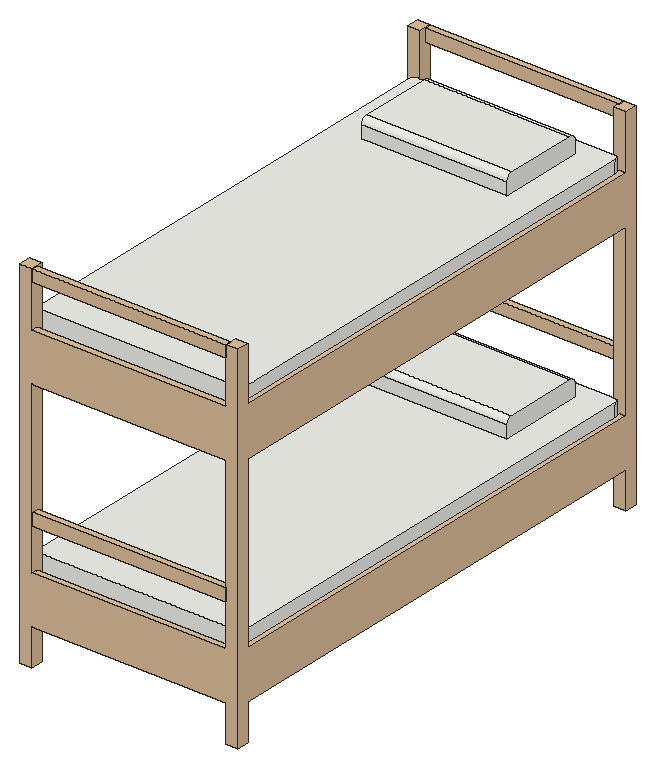
Revit family "Bed-Bunk", category Furniture, Revit 2018
Family settings
  OmniClass Number = 23.40.20.17.14.11
  OmniClass Title = Beds
  Work Plane-Based = No
  Always vertical = Yes
  Cut with Voids When Loaded = No
  Shared = No
  Room Calculation Point = No
Parameters (values of type "82" x 36"")
  Assembly Code = "E2020200"
  Frame Material = Birch
  Height = 4' - 11"
  Length = 6' - 10"
  Mattress Material = Linen, White
  Width = 3' - 0"
Reference planes (in)
  plane 1 "Center (Front/Back)": y = -15.39344
  plane 2: z = 0
  plane 3 "Center (Left/Right)": x = 16.08197
  plane 4: y = 25.60656
  plane 5: y = -56.39344
  plane 6: x = 34.08197
  plane 7: x = -1.91803
  plane 8: z = 14
  plane 9: z = 59
  plane 10: y = 20.60656
  plane 11: y = 6.60656
Forms (in)
  Extrusion 1, solid, material "Birch"
    sketch origin (0, 0, 0) x (1, 0, 0) y (0, 1, 0)
      loop
        line (-1.91803, 25.60656) -> (-1.91803, 23.60656) -> (0.08197, 23.60656) -> (0.08197, 25.60656) -> (-1.91803, 25.60656)
      loop
        line (34.08197, 25.60656) -> (32.08197, 25.60656) -> (32.08197, 23.60656) -> (34.08197, 23.60656) -> (34.08197, 25.60656)
      loop
        line (-1.91803, -56.39344) -> (0.08197, -56.39344) -> (0.08197, -54.39344) -> (-1.91803, -54.39344) -> (-1.91803, -56.39344)
      loop
        line (34.08197, -56.39344) -> (34.08197, -54.39344) -> (32.08197, -54.39344) -> (32.08197, -56.39344) -> (34.08197, -56.39344)
    from 0 to 59
  Extrusion 2, solid, material "Birch"
    sketch origin (0, 0, 0) x (1, 0, 0) y (0, 1, 0)
      loop
        line (-1.91803, 25.60656) -> (-1.91803, -56.39344) -> (34.08197, -56.39344) -> (34.08197, 25.60656) -> (-1.91803, 25.60656)
      loop
        line (-0.91803, 24.60656) -> (-0.91803, -55.39344) -> (33.08197, -55.39344) -> (33.08197, 24.60656) -> (-0.91803, 24.60656)
    from 6 to 14
  Extrusion 3, solid, material "Birch"
    sketch origin (0, 0, 0) x (1, 0, 0) y (0, 1, 0)
      loop
        line (-1.91803, 25.60656) -> (-1.91803, -56.39344) -> (34.08197, -56.39344) -> (34.08197, 25.60656) -> (-1.91803, 25.60656)
      loop
        line (-0.91803, -55.39344) -> (33.08197, -55.39344) -> (33.08197, 24.60656) -> (-0.91803, 24.60656) -> (-0.91803, -55.39344)
    from 42 to 50
  Extrusion 4, solid, material "Linen, White" <- "Mattress Material"
    sketch origin (0, 0, 0) x (1, 0, 0) y (0, 1, 0)
      loop
        arc (0.08197, 23.60656) -> (-0.62514, 23.31366) -> (-0.91803, 22.60656) r 1
        line (-0.91803, 22.60656) -> (-0.91803, -53.39344)
        arc (-0.91803, -53.39344) -> (-0.62514, -54.10055) -> (0.08197, -54.39344) r 1
        line (0.08197, -54.39344) -> (32.08197, -54.39344)
        arc (32.08197, -54.39344) -> (32.78907, -54.10055) -> (33.08197, -53.39344) r 1
        line (33.08197, -53.39344) -> (33.08197, 22.60656)
        arc (33.08197, 22.60656) -> (32.78907, 23.31366) -> (32.08197, 23.60656) r 1
        line (32.08197, 23.60656) -> (0.08197, 23.60656)
    from 8 to 16
  Extrusion 5, solid, material "Linen, White" <- "Mattress Material"
    sketch origin (0, 0, 50) x (1, 0, 0) y (0, 1, 0)
      loop
        arc (0.08197, 23.60656) -> (-0.62514, 23.31366) -> (-0.91803, 22.60656) r 1
        line (-0.91803, 22.60656) -> (-0.91803, -53.39344)
        arc (-0.91803, -53.39344) -> (-0.62514, -54.10055) -> (0.08197, -54.39344) r 1
        line (0.08197, -54.39344) -> (32.08197, -54.39344)
        arc (32.08197, -54.39344) -> (32.78907, -54.10055) -> (33.08197, -53.39344) r 1
        line (33.08197, -53.39344) -> (33.08197, 22.60656)
        arc (33.08197, 22.60656) -> (32.78907, 23.31366) -> (32.08197, 23.60656) r 1
        line (32.08197, 23.60656) -> (0.08197, 23.60656)
    from -6 to 2
  Extrusion 6, solid, material "Birch"
    sketch origin (0, 0, 59) x (1, 0, 0) y (0, 1, 0)
      loop
        line (0.08197, 25.60656) -> (0.08197, 24.60656) -> (32.08197, 24.60656) -> (32.08197, 25.60656) -> (0.08197, 25.60656)
      loop
        line (0.08197, -56.39344) -> (32.08197, -56.39344) -> (32.08197, -55.39344) -> (0.08197, -55.39344) -> (0.08197, -56.39344)
    from -2 to 0
  Extrusion 7, solid, material "Birch"
    sketch origin (0, 0, 14) x (0, -1, 0) y (1, 0, 0)
      loop
        line (56.39344, 0.08197) -> (56.39344, 32.08197) -> (55.39344, 32.08197) -> (55.39344, 0.08197) -> (56.39344, 0.08197)
      loop
        line (-25.60656, 0.08197) -> (-24.60656, 0.08197) -> (-24.60656, 32.08197) -> (-25.60656, 32.08197) -> (-25.60656, 0.08197)
    from 7 to 9
  Sweep 8, solid, material "Linen, White" <- "Mattress Material"
    path origin (0, 0, 0) x (1, 0, 0) y (0, 1, 0)
      loop
        line (4.08197, 20.60656) -> (28.08197, 20.60656)
    profile origin (16.08197, 0, 0) x (0, 1, 0) y (0, 0, 1)
      loop
        line (6.60656, 16) -> (20.60656, 16) -> (20.60656, 18)
        arc (20.60656, 18) -> (20.31366, 18.70711) -> (19.60656, 19) r 1
        line (19.60656, 19) -> (7.60656, 19)
        arc (7.60656, 19) -> (6.89945, 18.70711) -> (6.60656, 18) r 1
        line (6.60656, 18) -> (6.60656, 16)
      loop
        line (6.60656, 52) -> (20.60656, 52) -> (20.60656, 54)
        arc (20.60656, 54) -> (20.31366, 54.70711) -> (19.60656, 55) r 1
        line (19.60656, 55) -> (7.60656, 55)
        arc (7.60656, 55) -> (6.89945, 54.70711) -> (6.60656, 54) r 1
        line (6.60656, 54) -> (6.60656, 52)
Cuts and joins
  joined: Extrusion 1, Extrusion 2, Extrusion 3
Lines and regions (in)
  Masking region 1
    outline origin (0, 0, 0) x (1, 0, 0) y (0, 1, 0)
      loop
        line (-1.91803, 25.60656) -> (-1.91803, -56.39344) -> (34.08197, -56.39344) -> (34.08197, 25.60656) -> (-1.91803, 25.60656)
  symbolic lines
    curve 1: line (-1.91803, 25.60656, 0) -> (0.08197, 25.60656, 0)
    curve 2: line (-1.91803, 25.60656, 0) -> (-1.91803, 23.60656, 0)
    curve 3: line (-1.91803, 23.60656, 0) -> (0.08197, 23.60656, 0)
    curve 4: line (0.08197, 25.60656, 0) -> (0.08197, 23.60656, 0)
    curve 5: line (32.08197, 23.60656, 0) -> (34.08197, 23.60656, 0)
    curve 6: line (32.08197, 23.60656, 0) -> (32.08197, 25.60656, 0)
    curve 7: line (32.08197, 25.60656, 0) -> (34.08197, 25.60656, 0)
    curve 8: line (34.08197, 23.60656, 0) -> (34.08197, 25.60656, 0)
    curve 9: line (0.08197, -54.39344, 0) -> (-1.91803, -54.39344, 0)
    curve 10: line (0.08197, -54.39344, 0) -> (0.08197, -56.39344, 0)
    curve 11: line (0.08197, -56.39344, 0) -> (-1.91803, -56.39344, 0)
    curve 12: line (-1.91803, -54.39344, 0) -> (-1.91803, -56.39344, 0)
    curve 13: line (34.08197, -56.39344, 0) -> (32.08197, -56.39344, 0)
    curve 14: line (34.08197, -56.39344, 0) -> (34.08197, -54.39344, 0)
    curve 15: line (34.08197, -54.39344, 0) -> (32.08197, -54.39344, 0)
    curve 16: line (32.08197, -56.39344, 0) -> (32.08197, -54.39344, 0)
    curve 17: line (4.08197, 20.60656, 0) -> (28.08197, 20.60656, 0)
    curve 18: line (4.08197, 20.60656, 0) -> (4.08197, 6.60656, 0)
    curve 19: line (4.08197, 6.60656, 0) -> (28.08197, 6.60656, 0)
    curve 20: line (28.08197, 20.60656, 0) -> (28.08197, 6.60656, 0)
    curve 21: line (33.08197, 6.60656, 0) -> (-0.91803, -2.50372, 0)
    curve 22: line (-0.91803, 23.60656, 0) -> (33.08197, 23.60656, 0)
    curve 23: line (-0.91803, 23.60656, 0) -> (-0.91803, -54.39344, 0)
    curve 24: line (-0.91803, -54.39344, 0) -> (33.08197, -54.39344, 0)
    curve 25: line (33.08197, 23.60656, 0) -> (33.08197, -54.39344, 0)
Dimensions and locks (in)
  equal spacing: plane 7, plane 3 "Center (Left/Right)", plane 6
  equal spacing: plane 5, plane 1 "Center (Front/Back)", plane 4
  "Width": plane 7 to plane 6
  "Length": plane 5 to plane 4
  "Height": plane 2 to plane 9
  locked: Extrusion 5 to plane 9 at 7
  locked: Extrusion 3 to plane 9 at 9
  locked: Extrusion 3 to Extrusion 3 at 8
  locked: Extrusion 5 sketch curve to Extrusion 5 sketch curve at 1  (x2)
  locked: Extrusion 3 to curve 18 at 6
  locked: curve 20 to Extrusion 3 at 6
  locked: curve 19 to curve 17 at 14
  locked: Extrusion 5 to Sweep 8 sketch curve at 3
  aligned and locked: Extrusion 1 to plane 9
  aligned and locked: Sweep 8 sketch curve to curve 18
  aligned and locked: Sweep 8 sketch curve to curve 20
  aligned and locked: Sweep 8 sketch curve to curve 17
  aligned and locked: Masking region 1 sketch curve to plane 7
  aligned and locked: plane 6 to Masking region 1 sketch curve
  aligned and locked: Masking region 1 sketch curve to plane 5
  aligned and locked: plane 4 to Masking region 1 sketch curve
  aligned and locked: Extrusion 5 to Sweep 8 sketch curve
Automatic sketch dimensions
  Extrusion 1 sketch curve to plane 5 = 0' - 0"  (x2)
  Extrusion 1 sketch curve to plane 7 = 0' - 0"  (x2)
  Extrusion 1 sketch curve to plane 4 = 0' - 0"  (x2)
  Extrusion 1 sketch curve to plane 6 = 0' - 0"  (x2)
  Extrusion 1 sketch curve to plane 7 = 0' - 2"
  Extrusion 1 sketch curve to Extrusion 1 sketch curve = 0' - 2"  (x7)
  Extrusion 2 sketch curve to plane 4 = 0' - 0"
  Extrusion 2 sketch curve to plane 7 = 0' - 0"
  Extrusion 2 sketch curve to plane 5 = 0' - 0"
  Extrusion 2 sketch curve to plane 6 = 0' - 0"
  Extrusion 2 sketch curve to Extrusion 2 sketch curve = 0' - 1"  (x2)
  Extrusion 2 sketch curve to plane 5 = 0' - 1"
  plane 4 to Extrusion 2 sketch curve = 0' - 1"
  Extrusion 3 sketch curve to plane 4 = 0' - 0"
  Extrusion 3 sketch curve to plane 7 = 0' - 0"
  Extrusion 3 sketch curve to plane 5 = 0' - 0"
  Extrusion 3 sketch curve to plane 6 = 0' - 0"
  Extrusion 3 sketch curve to Extrusion 3 sketch curve = 0' - 1"  (x2)
  Extrusion 3 sketch curve to plane 5 = 0' - 1"
  plane 4 to Extrusion 3 sketch curve = 0' - 1"
  Extrusion 4 sketch curve to plane 7 = 0' - 1"
  Extrusion 4 sketch curve to Extrusion 4 sketch curve = 0' - 1"  (x3)
  plane 6 to Extrusion 4 sketch curve = 0' - 2"  (x2)
  Extrusion 4 sketch curve to plane 5 = 0' - 2"
  plane 4 to Extrusion 4 sketch curve = 0' - 3"
  Extrusion 5 sketch curve to plane 7 = 0' - 1"
  Extrusion 5 sketch curve to Extrusion 5 sketch curve = 0' - 1"  (x2)
  Extrusion 5 sketch curve to plane 5 = 0' - 2"
  plane 6 to Extrusion 5 sketch curve = 0' - 2"
  plane 6 to Extrusion 5 sketch curve = 0' - 1"
  plane 4 to Extrusion 5 sketch curve = 0' - 3"
  Extrusion 6 sketch curve to plane 5 = 0' - 0"
  Extrusion 6 sketch curve to plane 4 = 0' - 0"
  Extrusion 6 sketch curve to plane 7 = 0' - 2"  (x2)
  plane 6 to Extrusion 6 sketch curve = 0' - 2"  (x2)
  plane 4 to Extrusion 6 sketch curve = 0' - 1"
  Extrusion 6 sketch curve to Extrusion 6 sketch curve = 0' - 1"
  Extrusion 7 sketch curve to plane 4 = 0' - 0"
  Extrusion 7 sketch curve to plane 5 = 0' - 0"
  plane 4 to Extrusion 7 sketch curve = 0' - 1"
  Extrusion 7 sketch curve to Extrusion 7 sketch curve = 0' - 1"
  Extrusion 7 sketch curve to plane 7 = 0' - 2"  (x2)
  plane 6 to Extrusion 7 sketch curve = 0' - 2"  (x2)
  curve 11 to plane 5 = 0' - 0"
  curve 11 to plane 7 = 0' - 0"
  curve 1 to plane 4 = 0' - 0"
  curve 22 to plane 7 = 0' - 1"
  curve 1 to plane 7 = 0' - 2"
  curve 23 to curve 9 = 0' - 1"
  plane 6 to curve 13 = 0' - 2"
  curve 5 to curve 5 = 0' - 2"
  plane 6 to curve 21 = 0' - 1"
  curve 25 to plane 5 = 0' - 2"
  curve 9 to curve 23 = 0' - 0"
  plane 4 to curve 21 = 1' - 7"
  curve 21 to curve 19 = 0' - 9.11027"
  plane 4 to curve 20 = 0' - 5"
  plane 4 to curve 8 = 0' - 2"
  curve 4 to curve 1 = 0' - 2"
  curve 25 to curve 5 = 0' - 0"
  curve 14 to curve 24 = 0' - 0"
  Sweep 8 sketch curve to profile plane = 0' - 0"  (x2)
  profile plane to Sweep 8 sketch curve = 0' - 1"  (x2)
  Sweep 8 sketch curve to Sweep 8 sketch curve = 1' - 0"  (x2)
  Sweep 8 sketch curve to Sweep 8 sketch curve = 0' - 1"  (x2)
  level to Sweep 8 sketch curve = 1' - 4"
  Sweep 8 sketch curve to Sweep 8 sketch curve = 0' - 2"
  curve 1 to plane 7 = 0' - 0"
  curve 6 to plane 4 = 0' - 0"
  curve 15 to plane 6 = 0' - 0"
  curve 8 to plane 6 = 0' - 0"
  curve 13 to plane 5 = 0' - 0"
